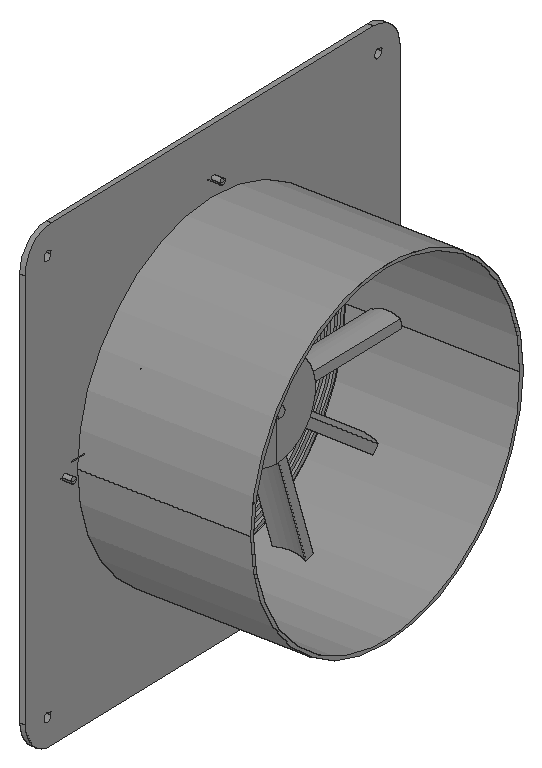
Revit family "ОВ_К_Р 1", category Mechanical Equipment, Revit 2021
Family settings
  Round Connector Dimension = Use Diameter
  Classification = None
  Part Type = Normal
  Work Plane-Based = No
  Always vertical = Yes
  Cut with Voids When Loaded = No
  Shared = No
  Room Calculation Point = No
Parameters (values of type "ОВ1 315")
  Ширина = Висота  # 430 mm
  Частота = 50 Hz
  Установлена потужність = Напруга * Струм  # 172.5 VA
  Струм = 0.75 A
  Статичний тиск повітря [instance] = 0.0 Pa
  Рівень звукового тиску на відстані 3 м = "42 дБА"
  Решетка ОВ1 P = no
  Потужність = 110 W
  Повітряний потік [instance] = 0.0 m³/h
  Перегородка = yes
  Default Elevation = 0 mm
  Description = "Осьовий вентилятор низького тиску у сталевому корпусі для настінного монтажу"
  Решетка ОВК1 = no
  Решетка ОВ1 = yes
  Напруга = if(Кількість фаз = 3, 400 V, 230 V)  # 230 V
  Максимальний потік повітря = 1700.0 m³/h
  Класифікація навантаження = "HVAC"
  Manufacturer = "Вентс"  # constant formula
  Діаметр = if(Решетка ОВК1, D222, D)  # 312 mm
  Довжина = L  # 170 mm
  Висота = if(Решетка ОВК1, D222, B)  # 430 mm
  Вага = 6.10 kg
  t1 = 10 mm  # constant formula
  r = 0.07 * B  # 30.1 mm
  l1 = D / 2  # 156 mm
  l = d1 + 5 mm  # 10 mm
  d1 = 5 mm  # constant formula
  d = 9 mm
  URL = "https://vents.ua/series/ov1/"
  Кількість фаз = 1
  Матеріал зони обслуговуваня = none
  L = 170 mm
  E2 = D / 2 + 15 mm  # 171 mm
  Dy = D - 5 mm  # 307 mm
  D99 = D9 - 5 mm  # 177 mm
  D9 = D88 - 10 mm  # 182 mm
  D88 = D8 - 5 mm  # 192 mm
  D8 = D77 - 10 mm  # 197 mm
  D7_77 = if(D7_7 = 46.5 mm, 47.7 mm, if(D7_7 = 2.5 mm, 0.7 mm, D7_7 - 5 mm))  # 72 mm
  D7_7 = if(D2_22 < 11 mm, 46.5 mm, abs(D6_66 - 10 mm))  # 77 mm
  D77 = D7 - 5 mm  # 207 mm
  D7 = D66 - 10 mm  # 212 mm
  D6_66 = if(D6_6 = 26.5 mm, 27.7 mm, if(D6_6 = 8.5 mm, 7.5 mm, D6_6 - 5 mm))  # 87 mm
  D6_6 = if(D2_22 < 11 mm, 26.5 mm, abs(D5_55 - 10 mm))  # 92 mm
  D66 = D6 - 5 mm  # 222 mm
  D6 = D55 - 10 mm  # 227 mm
  D5_55 = if(D5_5 = 16.5 mm, 17.7 mm, abs(D5_5 - 5 mm))  # 102 mm
  D5_5 = if(D2_22 < 11 mm, 16.5 mm, if(D4_44 < 14 mm, 3.5 mm, D4_44 - 10 mm))  # 107 mm
  D55 = D5 - 5 mm  # 237 mm
  D5 = D44 - 10 mm  # 242 mm
  D4_44 = if(D4_4 = 6.5 mm, 7 mm, D4_4 - 5 mm)  # 117 mm
  D4_4 = if(D2_22 < 11 mm, 6.5 mm, D3_33 - 10 mm)  # 122 mm
  D44 = D4 - 5 mm  # 252 mm
  D4 = D33 - 10 mm  # 257 mm
  D3_33 = D3_3 - 5 mm  # 132 mm
  D3_3 = if(D2_22 < 11 mm, 6 mm, D2_22 - 10 mm)  # 137 mm
  D33 = D3 - 5 mm  # 267 mm
  D3 = D22 - 10 mm  # 272 mm
  D2_22 = abs(D2_2 - 5 mm)  # 147 mm
  D2_2 = D1_11 - 10 mm  # 152 mm
  D22 = D2 - 5 mm  # 282 mm
  D2 = D11 - 10 mm  # 287 mm
  D1_11 = D1_1 - 5 mm  # 162 mm
  D1_1 = D99 - 10 mm  # 167 mm
  D222 = 317 mm
  D111 = 186.371 mm
  D11 = D1 - 5 mm  # 297 mm
  D1 = D - 10 mm  # 302 mm
  Матеріал корпусу = Метал, пофарбований, матовий чорний
  D = 312 mm
  B1 = 380 mm
  B = 430 mm
  09_Назва системи [instance] = ""
  00_20_Тип = "ОВ1 315"
  00_20_Назва = "Осьовий вентилятор низького тиску"
  00_20_Виробник = "Вентс"  # constant formula
Types (12, lengths in mm): name | Ширина | Установлена потужність | Струм | Рівень звукового тиску на відстані 3 м | Решетка ОВ1 P | Потужність | Перегородка | Решетка ОВК1 | Решетка ОВ1 | Максимальний потік повітря | Діаметр | Довжина | Висота | Вага | r | l1 | d | URL | L | E2 | Dy | D99 | D9 | D88 | D8 | D7_77 | D7_7 | D77 | D7 | D6_66 | D6_6 | D66 | D6 | D5_55 | D5_5 | D55 | D5 | D4_44 | D4_4 | D44 | D4 | D3_33 | D3_3 | D33 | D3 | D2_22 | D2_2 | D22 | D2 | D1_11 | D1_1 | D222 | D111 | D11 | D1 | Матеріал корпусу | D | B1 | B | 00_20_Тип
  (no name) | 430 | 172.5 VA | 0.75 A | "42 дБА" | no | 110 W | yes | no | yes | 1700.0 m³/h | 312 | 170 | 430 | 6.10 kg | 30.1 | 156 | 9 | "https://vents.ua/series/ov1/" | 170 | 171 | 307 | 177 | 182 | 192 | 197 | 72 | 77 | 207 | 212 | 87 | 92 | 222 | 227 | 102 | 107 | 237 | 242 | 117 | 122 | 252 | 257 | 132 | 137 | 267 | 272 | 147 | 152 | 282 | 287 | 162 | 167 | 317 | 186.371 | 297 | 302 | Метал, пофарбований, матовий чорний | 312 | 380 | 430 | "ОВ1 315"
  ОВ1 200 | 312 | 64.4 VA | 0.28 A | "33 дБА" | no | 43 W | yes | no | yes | 405.0 m³/h | 208 | 120 | 312 | 3.00 kg | 21.84 | 104 | 7 | "https://vents.ua/series/ov1/" | 120 | 119 | 203 | 73 | 78 | 88 | 93 | 0.7 | 2.5 | 103 | 108 | 7.5 | 8.5 | 118 | 123 | 1.5 | 3.5 | 133 | 138 | 13 | 18 | 148 | 153 | 28 | 33 | 163 | 168 | 43 | 48 | 178 | 183 | 58 | 63 | 213 | 186.371 | 193 | 198 | Метал, пофарбований, матовий чорний | 208 | 260 | 312 | "ОВ1 200"
  ОВ1 150 | 250 | 59.8 VA | 0.26 A | "33 дБА" | no | 36 W | yes | no | yes | 200.0 m³/h | 162 | 120 | 250 | 2.50 kg | 17.5 | 81 | 7 | "https://vents.ua/series/ov1/" | 120 | 96 | 157 | 27 | 32 | 42 | 47 | 47.7 | 46.5 | 57 | 62 | 27.7 | 26.5 | 72 | 77 | 17.7 | 16.5 | 87 | 92 | 7 | 6.5 | 102 | 107 | 1 | 6 | 117 | 122 | 3 | 2 | 132 | 137 | 12 | 17 | 167 | 186.371 | 147 | 152 | Метал, пофарбований, матовий чорний | 162 | 210 | 250 | "ОВ1 150"
  ОВ1 250 | 370 | 110.4 VA | 0.48 A | "37 дБА" | no | 68 W | yes | no | yes | 1070.0 m³/h | 262 | 140 | 370 | 3.50 kg | 25.9 | 131 | 7 | "https://vents.ua/series/ov1/" | 140 | 146 | 257 | 127 | 132 | 142 | 147 | 22 | 27 | 157 | 162 | 37 | 42 | 172 | 177 | 52 | 57 | 187 | 192 | 67 | 72 | 202 | 207 | 82 | 87 | 217 | 222 | 97 | 102 | 232 | 237 | 112 | 117 | 267 | 186.371 | 247 | 252 | Метал, пофарбований, матовий чорний | 262 | 320 | 370 | "ОВ1 250"
  ОВ1 315 | 430 | 172.5 VA | 0.75 A | "42 дБА" | no | 110 W | yes | no | yes | 1700.0 m³/h | 312 | 170 | 430 | 6.10 kg | 30.1 | 156 | 9 | "https://vents.ua/series/ov1/" | 170 | 171 | 307 | 177 | 182 | 192 | 197 | 72 | 77 | 207 | 212 | 87 | 92 | 222 | 227 | 102 | 107 | 237 | 242 | 117 | 122 | 252 | 257 | 132 | 137 | 267 | 272 | 147 | 152 | 282 | 287 | 162 | 167 | 317 | 186.371 | 297 | 302 | Метал, пофарбований, матовий чорний | 312 | 380 | 430 | "ОВ1 315"
  ОВK1 150 | 220 | 59.8 VA | 0.26 A | "33 дБА" | no | 36 W | yes | yes | no | 200.0 m³/h | 220 | 120 | 220 | 2.50 kg | 17.5 | 81 | 7 | "https://vents.ua/uploads/download/ov1_ovk1_vkom_opys_produktu_03_2021.pdf" | 120 | 96 | 157 | 27 | 32 | 42 | 47 | 47.7 | 46.5 | 57 | 62 | 27.7 | 26.5 | 72 | 77 | 17.7 | 16.5 | 87 | 92 | 7 | 6.5 | 102 | 107 | 1 | 6 | 117 | 122 | 3 | 2 | 132 | 137 | 12 | 17 | 220 | 190 | 147 | 152 | Метал, пофарбований, матовий чорний | 162 | 210 | 250 | "ОВK1 150"
  ОВK1 200 | 300 | 64.4 VA | 0.28 A | "33 дБА" | no | 43 W | yes | yes | no | 405.0 m³/h | 300 | 120 | 300 | 2.50 kg | 21.84 | 104 | 7 | "https://vents.ua/uploads/download/ov1_ovk1_vkom_opys_produktu_03_2021.pdf" | 120 | 119 | 203 | 73 | 78 | 88 | 93 | 0.7 | 2.5 | 103 | 108 | 7.5 | 8.5 | 118 | 123 | 1.5 | 3.5 | 133 | 138 | 13 | 18 | 148 | 153 | 28 | 33 | 163 | 168 | 43 | 48 | 178 | 183 | 58 | 63 | 300 | 270 | 193 | 198 | Метал, пофарбований, матовий чорний | 208 | 260 | 312 | "ОВK1 200"
  ОВK1 250 | 360 | 110.4 VA | 0.48 A | "37 дБА" | no | 68 W | yes | yes | no | 1070.0 m³/h | 360 | 140 | 360 | 3.00 kg | 25.9 | 131 | 7 | "https://vents.ua/uploads/download/ov1_ovk1_vkom_opys_produktu_03_2021.pdf" | 140 | 146 | 257 | 127 | 132 | 142 | 147 | 22 | 27 | 157 | 162 | 37 | 42 | 172 | 177 | 52 | 57 | 187 | 192 | 67 | 72 | 202 | 207 | 82 | 87 | 217 | 222 | 97 | 102 | 232 | 237 | 112 | 117 | 360 | 330 | 247 | 252 | Метал, пофарбований, матовий чорний | 262 | 320 | 370 | "ОВK1 250"
  ОВK1 315 | 420 | 172.5 VA | 0.75 A | "42 дБА" | no | 110 W | yes | yes | no | 1700.0 m³/h | 420 | 170 | 420 | 5.10 kg | 30.1 | 156 | 9 | "https://vents.ua/uploads/download/ov1_ovk1_vkom_opys_produktu_03_2021.pdf" | 170 | 171 | 307 | 177 | 182 | 192 | 197 | 72 | 77 | 207 | 212 | 87 | 92 | 222 | 227 | 102 | 107 | 237 | 242 | 117 | 122 | 252 | 257 | 132 | 137 | 267 | 272 | 147 | 152 | 282 | 287 | 162 | 167 | 420 | 390 | 297 | 302 | Метал, пофарбований, матовий чорний | 312 | 380 | 430 | "ОВK1 315"
  ОВ1 150 P | 325 | 59.8 VA | 0.26 A | "33 дБА" | yes | 36 W | no | no | no | 200.0 m³/h | 162 | 127 | 325 | 2.50 kg | 22.75 | 81 | 7 | "https://vents.ua/series/ov1/" | 127 | 96 | 157 | 27 | 32 | 42 | 47 | 47.7 | 46.5 | 57 | 62 | 27.7 | 26.5 | 72 | 77 | 17.7 | 16.5 | 87 | 92 | 7 | 6.5 | 102 | 107 | 1 | 6 | 117 | 122 | 3 | 2 | 132 | 137 | 12 | 17 | 220 | 190 | 147 | 152 | Пластмаса, непрозора, біла | 162 | 210 | 325 | "ОВ1 150 P"
  ОВ1 200 P | 325 | 64.4 VA | 0.28 A | "32 дБА" | yes | 43 W | no | no | no | 405.0 m³/h | 208 | 127 | 325 | 3.00 kg | 22.75 | 104 | 7 | "https://vents.ua/series/ov1/" | 127 | 119 | 203 | 73 | 78 | 88 | 93 | 0.7 | 2.5 | 103 | 108 | 7.5 | 8.5 | 118 | 123 | 1.5 | 3.5 | 133 | 138 | 13 | 18 | 148 | 153 | 28 | 33 | 163 | 168 | 43 | 48 | 178 | 183 | 58 | 63 | 220 | 190 | 193 | 198 | Пластмаса, непрозора, біла | 208 | 210 | 325 | "ОВ1 200 P"
  ОВ1 250 P | 325 | 110.4 VA | 0.48 A | "37 дБА" | yes | 68 W | no | no | no | 1070.0 m³/h | 262 | 152 | 325 | 3.50 kg | 22.75 | 131 | 7 | "https://vents.ua/series/ov1/" | 152 | 146 | 257 | 127 | 132 | 142 | 147 | 22 | 27 | 157 | 162 | 37 | 42 | 172 | 177 | 52 | 57 | 187 | 192 | 67 | 72 | 202 | 207 | 82 | 87 | 217 | 222 | 97 | 102 | 232 | 237 | 112 | 117 | 267 | 186.371 | 247 | 252 | Пластмаса, непрозора, біла | 262 | 320 | 325 | "ОВ1 250 P"
Reference planes
  plane 1 "По центру (Вперед/Назад)": y = 0
  plane 2: z = 0
  plane 3 "По центру (Влево/Вправо)": x = 0
  plane 4: x = -10
  plane 5: z = 171
  plane 6: z = -171
  plane 7: y = 171
  plane 8: y = -171
  plane 9: y = 190
  plane 10: y = -190
  plane 11: z = 190
  plane 12: z = -190
  plane 13: x = 50
Forms (mm)
  Extrusion 1, solid, material "Метал, пофарбований, матовий чорний" <- "Матеріал корпусу", visible <- "Решетка ОВ1"
    sketch origin (-80, 168.777, 0) x (0, -1, 0) y (0, 0, 1)
      loop
        circle (168.777, 0) r 156
      loop
        arc (353.677, -215) -> (374.961, -206.184) -> (383.777, -184.9) r 30.1
        line (383.777, -184.9) -> (383.777, 184.9)
        arc (383.777, 184.9) -> (374.961, 206.184) -> (353.677, 215) r 30.1
        line (353.677, 215) -> (-16.123, 215)
        arc (-16.123, 215) -> (-37.407, 206.184) -> (-46.223, 184.9) r 30.1
        line (-46.223, 184.9) -> (-46.223, -184.9)
        arc (-46.223, -184.9) -> (-37.407, -206.184) -> (-16.123, -215) r 30.1
        line (-16.123, -215) -> (353.677, -215)
      loop
        circle (168.777, 0) r 151
      loop
        circle (168.777, 0) r 148.5
      loop
        circle (168.777, 0) r 143.5
      loop
        circle (168.777, 0) r 141
      loop
        circle (168.777, 0) r 136
      loop
        circle (168.777, 0) r 133.5
      loop
        circle (168.777, 0) r 128.5
      loop
        circle (168.777, 0) r 126
      loop
        circle (168.777, 0) r 121
      loop
        circle (168.777, 0) r 118.5
      loop
        circle (168.777, 0) r 111
      loop
        circle (168.777, 0) r 113.5
      loop
        circle (168.777, 0) r 106
      loop
        circle (168.777, 0) r 103.5
      loop
        circle (168.777, 0) r 98.5
      loop
        circle (168.777, 0) r 96
      loop
        circle (168.777, 0) r 91
      loop
        circle (168.777, 0) r 88.5
      loop
        circle (168.777, 0) r 83.5
      loop
        circle (168.777, 0) r 81
      loop
        circle (168.777, 0) r 76
      loop
        circle (168.777, 0) r 73.5
      loop
        circle (168.777, 0) r 68.5
      loop
        circle (168.777, 0) r 66
      loop
        circle (168.777, 0) r 61
      loop
        circle (168.777, 0) r 58.5
      loop
        circle (168.777, 0) r 53.5
      loop
        circle (168.777, 0) r 51
      loop
        circle (168.777, 0) r 46
      loop
        circle (168.777, 0) r 43.5
      loop
        circle (168.777, 0) r 38.5
      loop
        circle (168.777, 0) r 36
      loop
        circle (358.777, 190) r 4.5
      loop
        circle (358.777, -190) r 4.5
      loop
        circle (-21.223, -190) r 4.5
      loop
        circle (-21.223, 190) r 4.5
    from -80 to -75
  Extrusion 2, solid, material "Метал, пофарбований, матовий чорний" <- "Матеріал корпусу"
    sketch origin (35, 109.934, 0) x (0, -1, 0) y (0, 0, 1)
      loop
        circle (109.934, 0) r 153.5
      loop
        circle (109.934, 0) r 156
    from -125 to 35
  Extrusion 3, solid, material "Метал, пофарбований, матовий чорний" <- "Матеріал корпусу", visible <- "Решетка ОВК1"
    sketch origin (0, 0, 0) x (0, 1, 0) y (0, 0, 1)
      loop
        circle (0, 0) r 158.5
      loop
        circle (0, 0) r 156
      loop
        circle (0, 0) r 151
      loop
        circle (0, 0) r 148.5
      loop
        circle (0, 0) r 143.5
      loop
        circle (0, 0) r 141
      loop
        circle (0, 0) r 136
      loop
        circle (0, 0) r 133.5
      loop
        circle (0, 0) r 128.5
      loop
        circle (0, 0) r 126
      loop
        circle (0, 0) r 121
      loop
        circle (0, 0) r 118.5
      loop
        circle (0, 0) r 111
      loop
        circle (0, 0) r 113.5
      loop
        circle (0, 0) r 106
      loop
        circle (0, 0) r 103.5
      loop
        circle (0, 0) r 98.5
      loop
        circle (0, 0) r 96
      loop
        circle (0, 0) r 91
      loop
        circle (0, 0) r 88.5
      loop
        circle (0, 0) r 83.5
      loop
        circle (0, 0) r 81
      loop
        circle (0, 0) r 76
      loop
        circle (0, 0) r 73.5
      loop
        circle (0, 0) r 68.5
      loop
        circle (0, 0) r 66
      loop
        circle (0, 0) r 61
      loop
        circle (0, 0) r 58.5
      loop
        circle (0, 0) r 53.5
      loop
        circle (0, 0) r 51
      loop
        circle (0, 0) r 46
      loop
        circle (0, 0) r 43.5
      loop
        circle (0, 0) r 38.5
      loop
        circle (0, 0) r 36
      loop
        circle (142.175, 142.175) r 4.5
      loop
        circle (-142.175, 142.175) r 4.5
      loop
        circle (-142.175, -142.175) r 4.5
      loop
        circle (142.175, -142.175) r 4.5
    from 0 to -5
Dimensions and locks
  "B": Extrusion 1 sketch curve to Extrusion 1 sketch curve  (x2)
  equal spacing: Extrusion 1 sketch curve, plane 1 "По центру (Вперед/Назад)", Extrusion 1 sketch curve
  equal spacing: Extrusion 1 sketch curve, level, Extrusion 1 sketch curve
  "l": plane 4 to plane 3 "По центру (Влево/Вправо)"
  "E2": plane 6 to level to plane 5
  "E2": plane 7 to plane 1 "По центру (Вперед/Назад)" to plane 8
  equal spacing: plane 11, level, plane 12
  "B1": plane 12 to plane 11
  equal spacing: plane 9, plane 1 "По центру (Вперед/Назад)", plane 10
  "B1": plane 9 to plane 10
  "L": plane 4 to Extrusion 2
  locked: plane 13 to plane 3 "По центру (Влево/Вправо)" at 50
  locked: Extrusion 3 to plane 3 "По центру (Влево/Вправо)" at 5
  "D": diameter of Extrusion 1 sketch curve
  "D1": diameter of Extrusion 1 sketch curve
  "D11": diameter of Extrusion 1 sketch curve
  "D2": diameter of Extrusion 1 sketch curve
  "D22": diameter of Extrusion 1 sketch curve
  "D3": diameter of Extrusion 1 sketch curve
  "D33": diameter of Extrusion 1 sketch curve
  "D44": diameter of Extrusion 1 sketch curve
  "D4": diameter of Extrusion 1 sketch curve
  "D5": diameter of Extrusion 1 sketch curve
  "D55": diameter of Extrusion 1 sketch curve
  "D66": diameter of Extrusion 1 sketch curve
  "D6": diameter of Extrusion 1 sketch curve
  "D7": diameter of Extrusion 1 sketch curve
  "D77": diameter of Extrusion 1 sketch curve
  "D8": diameter of Extrusion 1 sketch curve
  "D88": diameter of Extrusion 1 sketch curve
  "D9": diameter of Extrusion 1 sketch curve
  "D99": diameter of Extrusion 1 sketch curve
  "D1_1": diameter of Extrusion 1 sketch curve
  "D1_11": diameter of Extrusion 1 sketch curve
  "D2_2": diameter of Extrusion 1 sketch curve
  "D2_22": diameter of Extrusion 1 sketch curve
  "D3_3": diameter of Extrusion 1 sketch curve
  "D3_33": diameter of Extrusion 1 sketch curve
  "D4_4": diameter of Extrusion 1 sketch curve
  "D4_44": diameter of Extrusion 1 sketch curve
  "D5_55": diameter of Extrusion 1 sketch curve
  "D5_5": diameter of Extrusion 1 sketch curve
  "D6_6": diameter of Extrusion 1 sketch curve
  "D6_66": diameter of Extrusion 1 sketch curve
  "D7_7": diameter of Extrusion 1 sketch curve
  "D7_77": diameter of Extrusion 1 sketch curve
  "d": diameter of Extrusion 1 sketch curve  (x4)
  "r": radius of Extrusion 1 sketch curve  (x4)
  "D": diameter of Extrusion 2 sketch curve
  "Dy": diameter of Extrusion 2 sketch curve
  "D": diameter of Extrusion 3 sketch curve
  "D1": diameter of Extrusion 3 sketch curve
  "D11": diameter of Extrusion 3 sketch curve
  "D2": diameter of Extrusion 3 sketch curve
  "D22": diameter of Extrusion 3 sketch curve
  "D3": diameter of Extrusion 3 sketch curve
  "D33": diameter of Extrusion 3 sketch curve
  "D44": diameter of Extrusion 3 sketch curve
  "D4": diameter of Extrusion 3 sketch curve
  "D5": diameter of Extrusion 3 sketch curve
  "D55": diameter of Extrusion 3 sketch curve
  "D66": diameter of Extrusion 3 sketch curve
  "D6": diameter of Extrusion 3 sketch curve
  "D7": diameter of Extrusion 3 sketch curve
  "D77": diameter of Extrusion 3 sketch curve
  "D8": diameter of Extrusion 3 sketch curve
  "D88": diameter of Extrusion 3 sketch curve
  "D9": diameter of Extrusion 3 sketch curve
  "D99": diameter of Extrusion 3 sketch curve
  "D1_1": diameter of Extrusion 3 sketch curve
  "D1_11": diameter of Extrusion 3 sketch curve
  "D2_2": diameter of Extrusion 3 sketch curve
  "D2_22": diameter of Extrusion 3 sketch curve
  "D3_3": diameter of Extrusion 3 sketch curve
  "D3_33": diameter of Extrusion 3 sketch curve
  "D4_4": diameter of Extrusion 3 sketch curve
  "D4_44": diameter of Extrusion 3 sketch curve
  "D5_55": diameter of Extrusion 3 sketch curve
  "D5_5": diameter of Extrusion 3 sketch curve
  "D6_6": diameter of Extrusion 3 sketch curve
  "D6_66": diameter of Extrusion 3 sketch curve
  "D7_7": diameter of Extrusion 3 sketch curve
  "D7_77": diameter of Extrusion 3 sketch curve
  "D222": diameter of Extrusion 3 sketch curve
  "d": diameter of Extrusion 3 sketch curve  (x4)
  aligned and locked: level to plane 2
  aligned and locked: level to nested 1
  aligned and locked: plane 4 to nested 1
  aligned and locked: nested 1 to plane 1 "По центру (Вперед/Назад)"
  aligned and locked: nested 2 to plane 1 "По центру (Вперед/Назад)"
  aligned and locked: plane 4 to nested 2
  aligned and locked: nested 4 to level
  aligned and locked: level to nested 5
  aligned and locked: plane 5 to nested 2
  aligned and locked: plane 1 "По центру (Вперед/Назад)" to nested 3
  aligned and locked: nested 3 to plane 6
  aligned and locked: nested 5 to plane 8
  aligned and locked: nested 4 to plane 7
  aligned and locked: plane 4 to nested 4
  aligned and locked: nested 3 to plane 4
  aligned and locked: nested 2 to plane 4
  aligned and locked: nested 5 to plane 4
  aligned and locked: plane 13 to nested 6
  aligned and locked: level to nested 6
  aligned and locked: plane 1 "По центру (Вперед/Назад)" to nested 6
  aligned and locked: Extrusion 3 to plane 3 "По центру (Влево/Вправо)"
  aligned and locked: plane 3 "По центру (Влево/Вправо)" to nested 7
  aligned and locked: nested 7 to plane 1 "По центру (Вперед/Назад)"
Automatic sketch dimensions
  Extrusion 2 sketch curve to Extrusion 2 sketch curve = 0 mm  (x2)
  Extrusion 2 sketch curve to level = 0 mm
  Extrusion 2 sketch curve to plane 1 "По центру (Вперед/Назад)" = 0 mm
  Extrusion 1 sketch curve to Extrusion 1 sketch curve = 0 mm  (x64)
  Extrusion 1 sketch curve to plane 9 = 0 mm  (x2)
  Extrusion 1 sketch curve to level = 0 mm
  Extrusion 1 sketch curve to plane 1 "По центру (Вперед/Назад)" = 0 mm
  Extrusion 1 sketch curve to plane 10 = 0 mm  (x2)
  Extrusion 1 sketch curve to plane 12 = 0 mm  (x2)
  plane 11 to Extrusion 1 sketch curve = 0 mm  (x2)
  Extrusion 3 sketch curve to Extrusion 3 sketch curve = 0 mm  (x66)
  Extrusion 3 sketch curve to level = 0 mm
  Extrusion 3 sketch curve to plane 1 "По центру (Вперед/Назад)" = 0 mm
  Extrusion 3 sketch curve to plane 8 = 28.825 mm  (x2)
  plane 7 to Extrusion 3 sketch curve = 28.825 mm  (x2)
  plane 6 to Extrusion 3 sketch curve = 28.825 mm  (x2)
  plane 5 to Extrusion 3 sketch curve = 28.825 mm  (x2)
Nested families
  nested 1: "Перегородка" at (-10, 0, 50) x (0, 1, 0) z (0, 0, 1), visible <- "Перегородка", type "Перегородка"
    with l 156 mm, E 93 mm
  nested 2: "Винт" at (-11, 0, 171) x (0, 1, 0) z (1, 0, 0), visible <- "Перегородка", type "Винт"
  nested 3: "Винт" at (-11, 0, -171) x (0, 1, 0) z (1, 0, 0), visible <- "Перегородка", type "Винт"
  nested 4: "Винт" at (-11, 171, 0) x (0, 1, 0) z (1, 0, 0), visible <- "Перегородка", type "Винт"
  nested 5: "Винт" at (-11, -171, 0) x (0, -1, 0) z (1, 0, 0), visible <- "Перегородка", type "Винт"
  nested 6: "Вентилятор" at (50, 0, 0) x (0, 0, 1) z (-1, 0, 0), type "Вентилятор"
    with r 43.857 mm, R 153.5 mm, Dy 307 mm
  nested 7: "Решетка ОВ1 P" at (0, 0, 0) x (-1, 0, 0) z (0, 0, 1), visible <- "Решетка ОВ1 P", type "Решетка ОВ1 P"
    with h1 190 mm, b1 190 mm, Nv 28, Ng 28, H1 380 mm, H 430 mm, B1 380 mm, B 430 mm, -h1 -190 mm, -b1 -190 mm
Connectors
  hvac at (160, 0, 0), driven by "D"
    settings: on Extrusion 2, index 1, duct flow 0.0 m³/h, flow factor 0, pres drop 0.0 Pa, loss coef 0, conn angle 0.00°, conn width 304.8 mm, conn height 304.8 mm, conn diameter 312 mm, duct sys type 3, conn prof type 0, flow config 0, flow direction 2, loss method 0, conn ref index -1, conn util no, is conn primary yes, conn desc ""
  electrical at (62.6, 0, 0), driven by "Напруга", driven by "Установлена потужність"
    settings: on nested 6, index 2, voltage 230 V, apparent load 172.5 VA, apparent load phase1 0 VA, apparent load phase2 0 VA, apparent load phase3 0 VA, power factor 1, load classification "Прочее", number of poles 1, system type 30, power factor state 1, is connector primary yes, connector utility no, sub classification motor no, connector description ""
Definition of nested family "Перегородка"
  Parameters (values of type "Перегородка")
    Default Elevation = 188.949 mm
    t2 = if(t > 50 mm, 50 mm + 50 mm - t1, t1 + t)  # 55 mm
    t1 = if(t > 50 mm, 30 mm, 50 mm - t / 2)  # 45 mm
    t = 10 mm
    l = 104 mm
    e = 50 mm  # constant formula
    d = 5 mm
    E = l / 2 + 15 mm  # 67 mm
    Casing Material = none
  Reference planes
    plane 1 "По центру (Вперед/Назад)": y = 0
    plane 2: z = 0
    plane 3 "По центру (Влево/Вправо)": x = 0
    plane 4: x = 50
    plane 5: z = -100
    plane 6: z = 0
    plane 7: x = -50
    plane 8: z = -50
  Forms (mm)
    Sweep 1, solid, material <- "Casing Material"
      path origin (-127.007, -84.114, 17) x (1, 0, 0) y (0, 0, 1)
        loop
          line (132.007, -52) -> (132.007, 52)
          arc (132.007, 52) -> (127.007, 57) -> (122.007, 52) r 5
          line (122.007, 52) -> (122.007, -52)
          arc (122.007, -52) -> (127.007, -57) -> (132.007, -52) r 5
      profile origin (5, -84.114, 17) x (-1, 0, 0) y (0, -1, 0)
        loop
          circle (0, -81.614) r 2.5
    Sweep 2, solid, material <- "Casing Material"
      path origin (67, -84.114, 77.007) x (0, 0, -1) y (1, 0, 0)
        loop
          line (132.007, -52) -> (132.007, 52)
          arc (132.007, 52) -> (127.007, 57) -> (122.007, 52) r 5
          line (122.007, 52) -> (122.007, -52)
          arc (122.007, -52) -> (127.007, -57) -> (132.007, -52) r 5
      profile origin (67, -84.114, -55) x (0, 0, 1) y (0, -1, 0)
        loop
          circle (0, -81.614) r 2.5
    Sweep 3, solid, material <- "Casing Material"
      path origin (-67, -84.114, -177.007) x (0, 0, 1) y (-1, 0, 0)
        loop
          line (132.007, -52) -> (132.007, 52)
          arc (132.007, 52) -> (127.007, 57) -> (122.007, 52) r 5
          line (122.007, 52) -> (122.007, -52)
          arc (122.007, -52) -> (127.007, -57) -> (132.007, -52) r 5
      profile origin (-67, -84.114, -45) x (0, 0, -1) y (0, -1, 0)
        loop
          circle (0, -81.614) r 2.5
    Sweep 4, solid, material <- "Casing Material"
      path origin (127.007, -84.114, -117) x (-1, 0, 0) y (0, 0, -1)
        loop
          line (132.007, -52) -> (132.007, 52)
          arc (132.007, 52) -> (127.007, 57) -> (122.007, 52) r 5
          line (122.007, 52) -> (122.007, -52)
          arc (122.007, -52) -> (127.007, -57) -> (132.007, -52) r 5
      profile origin (-5, -84.114, -117) x (0, -1, 0) y (1, 0, 0)
        loop
          circle (-81.614, 0) r 2.5
  Dimensions and locks
    "t1": plane 4 to Sweep 1 sketch curve
    "t2": Sweep 1 sketch curve to plane 4
    "t1": plane 5 to Sweep 2 sketch curve
    "t2": Sweep 2 sketch curve to plane 5
    "t1": plane 6 to Sweep 3 sketch curve
    "t2": Sweep 3 sketch curve to plane 6
    "t1": plane 7 to Sweep 4 sketch curve
    "t2": Sweep 4 sketch curve to plane 7
    "l": Sweep 1 sketch curve to Sweep 1 sketch curve
    "l": Sweep 2 sketch curve to Sweep 2 sketch curve
    "l": Sweep 3 sketch curve to Sweep 3 sketch curve
    "l": Sweep 4 sketch curve to Sweep 4 sketch curve
    "e": plane 2 to plane 8
    "d": diameter of Sweep 1 sketch curve
    "d": diameter of Sweep 2 sketch curve
    "d": diameter of Sweep 3 sketch curve
    "d": diameter of Sweep 4 sketch curve
    "E": radius of radial array
    aligned and locked: level to plane 2
  Automatic sketch dimensions
    Sweep 1 sketch curve to profile plane = 0 mm
    Sweep 1 sketch curve to profile plane = 81.614 mm
    Sweep 2 sketch curve to profile plane = 0 mm
    Sweep 2 sketch curve to profile plane = 81.614 mm
    Sweep 3 sketch curve to profile plane = 0 mm
    Sweep 3 sketch curve to profile plane = 81.614 mm
    Sweep 4 sketch curve to profile plane = 0 mm
    Sweep 4 sketch curve to profile plane = 81.614 mm
Definition of nested family "Винт"
  Parameters (values of type "Винт")
    Default Elevation = 0 mm
  Reference planes
    plane 1 "По центру (Вперед/Назад)": y = 0
    plane 2: z = 0
    plane 3 "По центру (Влево/Вправо)": x = 0
  Forms (mm)
    Revolve 1, solid
      sketch origin (0, 0, 0) x (-1, 0, 0) y (0, 0, -1)
        loop
          line (0, -20) -> (2.5, -20) -> (2.5, 0) -> (5, 0) -> (5, 0.988)
          arc (5, 0.988) -> (2.589, 1.966) -> (0, 2.235) r 9.254
          line (0, 2.235) -> (0, -20)
        axis (0, 2.235) -> (0, -20)
      angle from 0 to 360
    Extrusion 2, void
      sketch origin (0, -0.137, 0) x (1, 0, 0) y (0, 1, 0)
        loop
          line (-0.439, -5.119) -> (0.455, -5.119) -> (0.455, -0.343) -> (5.249, -0.343) -> (5.249, 0.594) -> (0.439, 0.594) -> (0.439, 5.38) -> (-0.439, 5.38) -> (-0.439, 0.594) -> (-5.291, 0.594) -> (-5.291, -0.319) -> (-0.439, -0.319) -> (-0.439, -5.119)
      from -3.528 to -0.988
    Extrusion 3, solid
      sketch origin (0, 0, 0) x (0, 1, 0) y (-1, 0, 0)
        loop
          circle (0, 0) r 7.018
      from 0 to 1
  Cuts and joins
    Extrusion 2 cuts Revolve 1
  Dimensions and locks
    aligned and locked: level to plane 2
    aligned and locked: Extrusion 2 to Revolve 1
Definition of nested family "Вентилятор"
  Parameters (values of type "Вентилятор")
    Default Elevation = 0 mm
    r = Dy / 7  # 29 mm
    n = 10
    R = Dy / 2  # 101.5 mm
    Dy = 203 mm
    D = 312 mm
    Casing Material = none
  Reference planes
    plane 1 "По центру (Вперед/Назад)": y = 0
    plane 2: z = 0
    plane 3 "По центру (Влево/Вправо)": x = 0
  Forms (mm)
    Extrusion 1, solid, material <- "Casing Material"
      sketch origin (5, 0, 0) x (1, 0, 0) y (0, 0, 1)
        loop
          arc (-1.417, 0) -> (-5.784, 15.673) -> (-3.327, 31.756) r 38.725
          arc (-3.327, 31.756) -> (-13.26, 17.281) -> (-10.167, 0) r 23.13
          line (-10.167, 0) -> (-1.417, 0)
      from 29 <- "r" to 101.5 <- "R"
    Extrusion 2, solid, material <- "Casing Material"
      sketch origin (4.045, -2.939, 0) x (0.809017, -0.587785, 0) y (0, 0, 1)
        loop
          arc (-1.417, 0) -> (-5.784, 15.673) -> (-3.327, 31.756) r 38.725
          arc (-3.327, 31.756) -> (-13.26, 17.281) -> (-10.167, 0) r 23.13
          line (-10.167, 0) -> (-1.417, 0)
      from 29 <- "r" to 101.5 <- "R"
    Extrusion 3, solid, material <- "Casing Material"
      sketch origin (4.045, 2.939, 0) x (0.809017, 0.587785, 0) y (0, 0, 1)
        loop
          arc (-1.417, 0) -> (-5.784, 15.673) -> (-3.327, 31.756) r 38.725
          arc (-3.327, 31.756) -> (-13.26, 17.281) -> (-10.167, 0) r 23.13
          line (-10.167, 0) -> (-1.417, 0)
      from 29 <- "r" to 101.5 <- "R"
    Extrusion 4, solid, material <- "Casing Material"
      sketch origin (1.545, 4.755, 0) x (0.309017, 0.951057, 0) y (0, 0, 1)
        loop
          arc (-1.417, 0) -> (-5.784, 15.673) -> (-3.327, 31.756) r 38.725
          arc (-3.327, 31.756) -> (-13.26, 17.281) -> (-10.167, 0) r 23.13
          line (-10.167, 0) -> (-1.417, 0)
      from 29 <- "r" to 101.5 <- "R"
    Extrusion 5, solid, material <- "Casing Material"
      sketch origin (-1.545, 4.755, 0) x (-0.309017, 0.951057, 0) y (0, 0, 1)
        loop
          arc (-1.417, 0) -> (-5.784, 15.673) -> (-3.327, 31.756) r 38.725
          arc (-3.327, 31.756) -> (-13.26, 17.281) -> (-10.167, 0) r 23.13
          line (-10.167, 0) -> (-1.417, 0)
      from 29 <- "r" to 101.5 <- "R"
    Extrusion 6, solid, material <- "Casing Material"
      sketch origin (-4.045, 2.939, 0) x (-0.809017, 0.587785, 0) y (0, 0, 1)
        loop
          arc (-1.417, 0) -> (-5.784, 15.673) -> (-3.327, 31.756) r 38.725
          arc (-3.327, 31.756) -> (-13.26, 17.281) -> (-10.167, 0) r 23.13
          line (-10.167, 0) -> (-1.417, 0)
      from 29 <- "r" to 101.5 <- "R"
    Extrusion 7, solid, material <- "Casing Material"
      sketch origin (-5, 0, 0) x (-1, 0, 0) y (0, 0, 1)
        loop
          arc (-1.417, 0) -> (-5.784, 15.673) -> (-3.327, 31.756) r 38.725
          arc (-3.327, 31.756) -> (-13.26, 17.281) -> (-10.167, 0) r 23.13
          line (-10.167, 0) -> (-1.417, 0)
      from 29 <- "r" to 101.5 <- "R"
    Extrusion 8, solid, material <- "Casing Material"
      sketch origin (-4.045, -2.939, 0) x (-0.809017, -0.587785, 0) y (0, 0, 1)
        loop
          arc (-1.417, 0) -> (-5.784, 15.673) -> (-3.327, 31.756) r 38.725
          arc (-3.327, 31.756) -> (-13.26, 17.281) -> (-10.167, 0) r 23.13
          line (-10.167, 0) -> (-1.417, 0)
      from 29 <- "r" to 101.5 <- "R"
    Revolve 9, solid, material <- "Casing Material"
      sketch origin (0, 0, 0) x (1, 0, 0) y (0, 0, 1)
        loop
          line (0, -8.555) -> (29, -8.555) -> (29, 33.086)
          arc (29, 33.086) -> (14.733, 36.962) -> (0, 38.189) r 81.241
          line (0, 38.189) -> (0, -8.555)
        axis (0, 38.189) -> (0, -8.555)
      angle from 0 to 360
    Extrusion 10, solid, material <- "Casing Material"
      sketch origin (-1.545, -4.755, 0) x (-0.309017, -0.951057, 0) y (0, 0, 1)
        loop
          arc (-1.417, 0) -> (-5.784, 15.673) -> (-3.327, 31.756) r 38.725
          arc (-3.327, 31.756) -> (-13.26, 17.281) -> (-10.167, 0) r 23.13
          line (-10.167, 0) -> (-1.417, 0)
      from 29 <- "r" to 101.5 <- "R"
    Extrusion 11, solid, material <- "Casing Material"
      sketch origin (1.545, -4.755, 0) x (0.309017, -0.951057, 0) y (0, 0, 1)
        loop
          arc (-1.417, 0) -> (-5.784, 15.673) -> (-3.327, 31.756) r 38.725
          arc (-3.327, 31.756) -> (-13.26, 17.281) -> (-10.167, 0) r 23.13
          line (-10.167, 0) -> (-1.417, 0)
      from 29 <- "r" to 101.5 <- "R"
    Extrusion 12, solid, material <- "Casing Material"
      sketch origin (0, 0, 0) x (1, 0, 0) y (0, 1, 0)
        loop
          line (0, 5) -> (-4.33, 2.5) -> (-4.33, -2.5) -> (0, -5) -> (4.33, -2.5) -> (4.33, 2.5) -> (0, 5)
      from -12.6 to -8.555
  Dimensions and locks
    "r": Revolve 9 sketch curve to plane 3 "По центру (Влево/Вправо)"
    aligned and locked: level to plane 2
  Automatic sketch dimensions
    Extrusion 1 sketch curve to Extrusion 1 sketch curve = 8.75 mm
    Extrusion 1 sketch curve to Extrusion 1 sketch curve = 10.768 mm
    Extrusion 1 sketch curve to Extrusion 1 sketch curve = 23.52 mm
    Extrusion 1 sketch curve to Extrusion 1 sketch curve = 12.411 mm
    Extrusion 1 sketch curve to Extrusion 1 sketch curve = 5.588 mm
    Extrusion 2 sketch curve to Extrusion 2 sketch curve = 8.75 mm
    Extrusion 2 sketch curve to Extrusion 2 sketch curve = 10.768 mm
    Extrusion 2 sketch curve to Extrusion 2 sketch curve = 23.52 mm
    Extrusion 2 sketch curve to Extrusion 2 sketch curve = 12.411 mm
    Extrusion 2 sketch curve to Extrusion 2 sketch curve = 5.588 mm
    Extrusion 3 sketch curve to Extrusion 3 sketch curve = 8.75 mm
    Extrusion 3 sketch curve to Extrusion 3 sketch curve = 10.768 mm
    Extrusion 3 sketch curve to Extrusion 3 sketch curve = 23.52 mm
    Extrusion 3 sketch curve to Extrusion 3 sketch curve = 12.411 mm
    Extrusion 3 sketch curve to Extrusion 3 sketch curve = 5.588 mm
    Extrusion 4 sketch curve to Extrusion 4 sketch curve = 8.75 mm
    Extrusion 4 sketch curve to Extrusion 4 sketch curve = 10.768 mm
    Extrusion 4 sketch curve to Extrusion 4 sketch curve = 23.52 mm
    Extrusion 4 sketch curve to Extrusion 4 sketch curve = 12.411 mm
    Extrusion 4 sketch curve to Extrusion 4 sketch curve = 5.588 mm
    Extrusion 5 sketch curve to Extrusion 5 sketch curve = 8.75 mm
    Extrusion 5 sketch curve to Extrusion 5 sketch curve = 10.768 mm
    Extrusion 5 sketch curve to Extrusion 5 sketch curve = 23.52 mm
    Extrusion 5 sketch curve to Extrusion 5 sketch curve = 12.411 mm
    Extrusion 5 sketch curve to Extrusion 5 sketch curve = 5.588 mm
    Extrusion 6 sketch curve to Extrusion 6 sketch curve = 8.75 mm
    Extrusion 6 sketch curve to Extrusion 6 sketch curve = 10.768 mm
    Extrusion 6 sketch curve to Extrusion 6 sketch curve = 23.52 mm
    Extrusion 6 sketch curve to Extrusion 6 sketch curve = 12.411 mm
    Extrusion 6 sketch curve to Extrusion 6 sketch curve = 5.588 mm
    Extrusion 7 sketch curve to Extrusion 7 sketch curve = 8.75 mm
    Extrusion 7 sketch curve to Extrusion 7 sketch curve = 10.768 mm
    Extrusion 7 sketch curve to Extrusion 7 sketch curve = 23.52 mm
    Extrusion 7 sketch curve to Extrusion 7 sketch curve = 12.411 mm
    Extrusion 7 sketch curve to Extrusion 7 sketch curve = 5.588 mm
    Extrusion 8 sketch curve to Extrusion 8 sketch curve = 8.75 mm
    Extrusion 8 sketch curve to Extrusion 8 sketch curve = 10.768 mm
    Extrusion 8 sketch curve to Extrusion 8 sketch curve = 23.52 mm
    Extrusion 8 sketch curve to Extrusion 8 sketch curve = 12.411 mm
    Extrusion 8 sketch curve to Extrusion 8 sketch curve = 5.588 mm
    Extrusion 10 sketch curve to Extrusion 10 sketch curve = 8.75 mm
    Extrusion 10 sketch curve to Extrusion 10 sketch curve = 10.768 mm
    Extrusion 10 sketch curve to Extrusion 10 sketch curve = 23.52 mm
    Extrusion 10 sketch curve to Extrusion 10 sketch curve = 12.411 mm
    Extrusion 10 sketch curve to Extrusion 10 sketch curve = 5.588 mm
    Extrusion 11 sketch curve to Extrusion 11 sketch curve = 8.75 mm
    Extrusion 11 sketch curve to Extrusion 11 sketch curve = 10.768 mm
    Extrusion 11 sketch curve to Extrusion 11 sketch curve = 23.52 mm
    Extrusion 11 sketch curve to Extrusion 11 sketch curve = 12.411 mm
    Extrusion 11 sketch curve to Extrusion 11 sketch curve = 5.588 mm
    Revolve 9 sketch curve to plane 3 "По центру (Влево/Вправо)" = 0 mm  (x2)
    plane 3 "По центру (Влево/Вправо)" to Revolve 9 sketch curve = 0.655 mm
    Revolve 9 sketch curve to level = 43.049 mm
    Revolve 9 sketch curve to level = 8.555 mm
    level to Revolve 9 sketch curve = 33.086 mm
    Revolve 9 sketch curve to Revolve 9 sketch curve = 7.546 mm
    Revolve 9 sketch curve to Revolve 9 sketch curve = 7.214 mm
Definition of nested family "Решетка ОВ1 P"
  Parameters (values of type "Решетка ОВ1 P")
    Default Elevation = 0 mm
    Manufacturer = "Вентс"  # constant formula
    t = 2 mm
    h1 = H1 / 2  # 137.5 mm
    b1 = B1 / 2  # 137.5 mm
    T = 5 mm
    S = 12 mm
    Nv = H1 / S - 4  # 19
    Ng = B1 / S - 4  # 19
    H1 = B1  # 275 mm
    H = B  # 325 mm
    B1 = B - 50 mm  # 275 mm
    B = 325 mm
    -h1 = -H1 / 2  # -137.5 mm
    -b1 = -B1 / 2  # -137.5 mm
  Reference planes
    plane 1 "По центру (Вперед/Назад)": y = 0
    plane 2: z = 0
    plane 3 "По центру (Влево/Вправо)": x = 0
  Forms (mm)
    Extrusion 1, solid
      sketch origin (0, 0, 0) x (0, 1, 0) y (0, 0, 1)
        loop
          line (162.5, 162.5) -> (-162.5, 162.5) -> (-162.5, -162.5) -> (162.5, -162.5) -> (162.5, 162.5)
        loop
          line (137.5, 137.5) -> (-137.5, 137.5) -> (-137.5, -137.5) -> (137.5, -137.5) -> (137.5, 137.5)
      from 0 to 5 <- "T"
    Extrusion 2, solid
      sketch origin (0, 0, 0) x (1, 0, 0) y (0, 1, 0)
        loop
          line (0, 127.5) -> (0, 125.5) -> (5, 125.5) -> (5, 127.5) -> (0, 127.5)
      from 137.5 <- "h1" to -137.5 <- "-b1"
    Extrusion 3, solid
      sketch origin (0, -14, 0) x (1, 0, 0) y (0, 1, 0)
        loop
          line (0, 127.5) -> (0, 125.5) -> (5, 125.5) -> (5, 127.5) -> (0, 127.5)
      from 137.5 <- "h1" to -137.5 <- "-b1"
    Extrusion 4, solid
      sketch origin (0, -28, 0) x (1, 0, 0) y (0, 1, 0)
        loop
          line (0, 127.5) -> (0, 125.5) -> (5, 125.5) -> (5, 127.5) -> (0, 127.5)
      from 137.5 <- "h1" to -137.5 <- "-b1"
    Extrusion 5, solid
      sketch origin (0, -42, 0) x (1, 0, 0) y (0, 1, 0)
        loop
          line (0, 127.5) -> (0, 125.5) -> (5, 125.5) -> (5, 127.5) -> (0, 127.5)
      from 137.5 <- "h1" to -137.5 <- "-b1"
    Extrusion 6, solid
      sketch origin (0, 0, 0) x (1, 0, 0) y (0, 0, 1)
        loop
          line (0, 127.5) -> (0, 125.5) -> (5, 125.5) -> (5, 127.5) -> (0, 127.5)
      from 137.5 <- "h1" to -137.5 <- "-h1"
    Extrusion 7, solid
      sketch origin (0, 0, -14) x (1, 0, 0) y (0, 0, 1)
        loop
          line (0, 127.5) -> (0, 125.5) -> (5, 125.5) -> (5, 127.5) -> (0, 127.5)
      from 137.5 <- "h1" to -137.5 <- "-h1"
    Extrusion 8, solid
      sketch origin (0, 0, -28) x (1, 0, 0) y (0, 0, 1)
        loop
          line (0, 127.5) -> (0, 125.5) -> (5, 125.5) -> (5, 127.5) -> (0, 127.5)
      from 137.5 <- "h1" to -137.5 <- "-h1"
    Extrusion 9, solid
      sketch origin (0, 0, -42) x (1, 0, 0) y (0, 0, 1)
        loop
          line (0, 127.5) -> (0, 125.5) -> (5, 125.5) -> (5, 127.5) -> (0, 127.5)
      from 137.5 <- "h1" to -137.5 <- "-h1"
    Extrusion 10, solid
      sketch origin (0, 0, -56) x (1, 0, 0) y (0, 0, 1)
        loop
          line (0, 127.5) -> (0, 125.5) -> (5, 125.5) -> (5, 127.5) -> (0, 127.5)
      from 137.5 <- "h1" to -137.5 <- "-h1"
    Extrusion 11, solid
      sketch origin (0, 0, -70) x (1, 0, 0) y (0, 0, 1)
        loop
          line (0, 127.5) -> (0, 125.5) -> (5, 125.5) -> (5, 127.5) -> (0, 127.5)
      from 137.5 <- "h1" to -137.5 <- "-h1"
    Extrusion 12, solid
      sketch origin (0, 0, -84) x (1, 0, 0) y (0, 0, 1)
        loop
          line (0, 127.5) -> (0, 125.5) -> (5, 125.5) -> (5, 127.5) -> (0, 127.5)
      from 137.5 <- "h1" to -137.5 <- "-h1"
    Extrusion 13, solid
      sketch origin (0, -56, 0) x (1, 0, 0) y (0, 1, 0)
        loop
          line (0, 127.5) -> (0, 125.5) -> (5, 125.5) -> (5, 127.5) -> (0, 127.5)
      from 137.5 <- "h1" to -137.5 <- "-b1"
    Extrusion 14, solid
      sketch origin (0, -70, 0) x (1, 0, 0) y (0, 1, 0)
        loop
          line (0, 127.5) -> (0, 125.5) -> (5, 125.5) -> (5, 127.5) -> (0, 127.5)
      from 137.5 <- "h1" to -137.5 <- "-b1"
    Extrusion 15, solid
      sketch origin (0, -84, 0) x (1, 0, 0) y (0, 1, 0)
        loop
          line (0, 127.5) -> (0, 125.5) -> (5, 125.5) -> (5, 127.5) -> (0, 127.5)
      from 137.5 <- "h1" to -137.5 <- "-b1"
    Extrusion 16, solid
      sketch origin (0, -98, 0) x (1, 0, 0) y (0, 1, 0)
        loop
          line (0, 127.5) -> (0, 125.5) -> (5, 125.5) -> (5, 127.5) -> (0, 127.5)
      from 137.5 <- "h1" to -137.5 <- "-b1"
    Extrusion 17, solid
      sketch origin (0, -112, 0) x (1, 0, 0) y (0, 1, 0)
        loop
          line (0, 127.5) -> (0, 125.5) -> (5, 125.5) -> (5, 127.5) -> (0, 127.5)
      from 137.5 <- "h1" to -137.5 <- "-b1"
    Extrusion 18, solid
      sketch origin (0, -126, 0) x (1, 0, 0) y (0, 1, 0)
        loop
          line (0, 127.5) -> (0, 125.5) -> (5, 125.5) -> (5, 127.5) -> (0, 127.5)
      from 137.5 <- "h1" to -137.5 <- "-b1"
    Extrusion 19, solid
      sketch origin (0, -140, 0) x (1, 0, 0) y (0, 1, 0)
        loop
          line (0, 127.5) -> (0, 125.5) -> (5, 125.5) -> (5, 127.5) -> (0, 127.5)
      from 137.5 <- "h1" to -137.5 <- "-b1"
    Extrusion 20, solid
      sketch origin (0, -154, 0) x (1, 0, 0) y (0, 1, 0)
        loop
          line (0, 127.5) -> (0, 125.5) -> (5, 125.5) -> (5, 127.5) -> (0, 127.5)
      from 137.5 <- "h1" to -137.5 <- "-b1"
    Extrusion 21, solid
      sketch origin (0, -168, 0) x (1, 0, 0) y (0, 1, 0)
        loop
          line (0, 127.5) -> (0, 125.5) -> (5, 125.5) -> (5, 127.5) -> (0, 127.5)
      from 137.5 <- "h1" to -137.5 <- "-b1"
    Extrusion 22, solid
      sketch origin (0, -182, 0) x (1, 0, 0) y (0, 1, 0)
        loop
          line (0, 127.5) -> (0, 125.5) -> (5, 125.5) -> (5, 127.5) -> (0, 127.5)
      from 137.5 <- "h1" to -137.5 <- "-b1"
    Extrusion 23, solid
      sketch origin (0, -196, 0) x (1, 0, 0) y (0, 1, 0)
        loop
          line (0, 127.5) -> (0, 125.5) -> (5, 125.5) -> (5, 127.5) -> (0, 127.5)
      from 137.5 <- "h1" to -137.5 <- "-b1"
    Extrusion 24, solid
      sketch origin (0, -210, 0) x (1, 0, 0) y (0, 1, 0)
        loop
          line (0, 127.5) -> (0, 125.5) -> (5, 125.5) -> (5, 127.5) -> (0, 127.5)
      from 137.5 <- "h1" to -137.5 <- "-b1"
    Extrusion 25, solid
      sketch origin (0, -224, 0) x (1, 0, 0) y (0, 1, 0)
        loop
          line (0, 127.5) -> (0, 125.5) -> (5, 125.5) -> (5, 127.5) -> (0, 127.5)
      from 137.5 <- "h1" to -137.5 <- "-b1"
    Extrusion 26, solid
      sketch origin (0, -238, 0) x (1, 0, 0) y (0, 1, 0)
        loop
          line (0, 127.5) -> (0, 125.5) -> (5, 125.5) -> (5, 127.5) -> (0, 127.5)
      from 137.5 <- "h1" to -137.5 <- "-b1"
    Extrusion 27, solid
      sketch origin (0, -252, 0) x (1, 0, 0) y (0, 1, 0)
        loop
          line (0, 127.5) -> (0, 125.5) -> (5, 125.5) -> (5, 127.5) -> (0, 127.5)
      from 137.5 <- "h1" to -137.5 <- "-b1"
    Extrusion 28, solid
      sketch origin (0, 0, -98) x (1, 0, 0) y (0, 0, 1)
        loop
          line (0, 127.5) -> (0, 125.5) -> (5, 125.5) -> (5, 127.5) -> (0, 127.5)
      from 137.5 <- "h1" to -137.5 <- "-h1"
    Extrusion 29, solid
      sketch origin (0, 0, -112) x (1, 0, 0) y (0, 0, 1)
        loop
          line (0, 127.5) -> (0, 125.5) -> (5, 125.5) -> (5, 127.5) -> (0, 127.5)
      from 137.5 <- "h1" to -137.5 <- "-h1"
    Extrusion 30, solid
      sketch origin (0, 0, -126) x (1, 0, 0) y (0, 0, 1)
        loop
          line (0, 127.5) -> (0, 125.5) -> (5, 125.5) -> (5, 127.5) -> (0, 127.5)
      from 137.5 <- "h1" to -137.5 <- "-h1"
    Extrusion 31, solid
      sketch origin (0, 0, -140) x (1, 0, 0) y (0, 0, 1)
        loop
          line (0, 127.5) -> (0, 125.5) -> (5, 125.5) -> (5, 127.5) -> (0, 127.5)
      from 137.5 <- "h1" to -137.5 <- "-h1"
    Extrusion 32, solid
      sketch origin (0, 0, -154) x (1, 0, 0) y (0, 0, 1)
        loop
          line (0, 127.5) -> (0, 125.5) -> (5, 125.5) -> (5, 127.5) -> (0, 127.5)
      from 137.5 <- "h1" to -137.5 <- "-h1"
    Extrusion 33, solid
      sketch origin (0, 0, -168) x (1, 0, 0) y (0, 0, 1)
        loop
          line (0, 127.5) -> (0, 125.5) -> (5, 125.5) -> (5, 127.5) -> (0, 127.5)
      from 137.5 <- "h1" to -137.5 <- "-h1"
    Extrusion 34, solid
      sketch origin (0, 0, -182) x (1, 0, 0) y (0, 0, 1)
        loop
          line (0, 127.5) -> (0, 125.5) -> (5, 125.5) -> (5, 127.5) -> (0, 127.5)
      from 137.5 <- "h1" to -137.5 <- "-h1"
    Extrusion 35, solid
      sketch origin (0, 0, -196) x (1, 0, 0) y (0, 0, 1)
        loop
          line (0, 127.5) -> (0, 125.5) -> (5, 125.5) -> (5, 127.5) -> (0, 127.5)
      from 137.5 <- "h1" to -137.5 <- "-h1"
    Extrusion 36, solid
      sketch origin (0, 0, -210) x (1, 0, 0) y (0, 0, 1)
        loop
          line (0, 127.5) -> (0, 125.5) -> (5, 125.5) -> (5, 127.5) -> (0, 127.5)
      from 137.5 <- "h1" to -137.5 <- "-h1"
    Extrusion 37, solid
      sketch origin (0, 0, -224) x (1, 0, 0) y (0, 0, 1)
        loop
          line (0, 127.5) -> (0, 125.5) -> (5, 125.5) -> (5, 127.5) -> (0, 127.5)
      from 137.5 <- "h1" to -137.5 <- "-h1"
    Extrusion 38, solid
      sketch origin (0, 0, -238) x (1, 0, 0) y (0, 0, 1)
        loop
          line (0, 127.5) -> (0, 125.5) -> (5, 125.5) -> (5, 127.5) -> (0, 127.5)
      from 137.5 <- "h1" to -137.5 <- "-h1"
    Extrusion 39, solid
      sketch origin (0, 0, -252) x (1, 0, 0) y (0, 0, 1)
        loop
          line (0, 127.5) -> (0, 125.5) -> (5, 125.5) -> (5, 127.5) -> (0, 127.5)
      from 137.5 <- "h1" to -137.5 <- "-h1"
    Sweep 40, void
      path in 3D
        loop
          line (5, -162.5, 162.5) -> (5, -162.5, -162.5) -> (5, 162.5, -162.5) -> (5, 162.5, 162.5) -> (5, -162.5, 162.5)
      profile origin (5, 0, 162.5) x (1, 0, 0) y (0, 0, 1)
        loop
          line (-2.5, 0) -> (0, -2.5) -> (0, 0) -> (-2.5, 0)
  Cuts and joins
    Sweep 40 cuts Extrusion 1
  Lines and regions (mm)
    sketch lines
      curve 1: line (5, 162.5, 162.5) -> (5, -162.5, 162.5)
      curve 2: line (5, -162.5, 162.5) -> (5, -162.5, -162.5)
      curve 3: line (5, 162.5, -162.5) -> (5, 162.5, 162.5)
      curve 4: line (5, -162.5, -162.5) -> (5, 162.5, -162.5)
  Dimensions and locks
    equal spacing: Extrusion 1 sketch curve, level, Extrusion 1 sketch curve  (x2)
    "H": Extrusion 1 sketch curve to Extrusion 1 sketch curve
    "B": Extrusion 1 sketch curve to Extrusion 1 sketch curve
    equal spacing: Extrusion 1 sketch curve, plane 1 "По центру (Вперед/Назад)", Extrusion 1 sketch curve  (x2)
    "B1": Extrusion 1 sketch curve to Extrusion 1 sketch curve
    "H1": Extrusion 1 sketch curve to Extrusion 1 sketch curve
    "t": Extrusion 2 sketch curve to Extrusion 2 sketch curve
    "S": Extrusion 2 to Extrusion 1
    "t": Extrusion 3 sketch curve to Extrusion 3 sketch curve
    equal spacing: group 1, group 2, group 3, group 4, group 12, group 13, group 14, group 15, group 16, group 17, group 18, group 19, group 20, group 21, group 22, group 23, group 24, group 25, group 26  (x2)
    equal spacing: group 26, group 25, group 24, group 23, group 22, group 21, group 20, group 19, group 18, group 17, group 16, group 15, group 14, group 13, group 12, group 4, group 3, group 2, group 1
    "t": Extrusion 4 sketch curve to Extrusion 4 sketch curve
    "S": Extrusion 3 to Extrusion 2
    "t": Extrusion 5 sketch curve to Extrusion 5 sketch curve
    "t": Extrusion 6 sketch curve to Extrusion 6 sketch curve
    "S": Extrusion 1 to Extrusion 6
    "t": Extrusion 7 sketch curve to Extrusion 7 sketch curve
    equal spacing: group 5, group 6, group 7, group 8, group 9, group 10, group 11, group 27, group 28, group 29, group 30, group 31, group 32, group 33, group 34, group 35, group 36, group 37, group 38  (x2)
    equal spacing: group 38, group 37, group 36, group 35, group 34, group 33, group 32, group 31, group 30, group 29, group 28, group 27, group 11, group 10, group 9, group 8, group 7, group 6, group 5
    "t": Extrusion 8 sketch curve to Extrusion 8 sketch curve
    "t": Extrusion 9 sketch curve to Extrusion 9 sketch curve
    "t": Extrusion 10 sketch curve to Extrusion 10 sketch curve
    "t": Extrusion 11 sketch curve to Extrusion 11 sketch curve
    "t": Extrusion 12 sketch curve to Extrusion 12 sketch curve
    "t": Extrusion 13 sketch curve to Extrusion 13 sketch curve
    "t": Extrusion 14 sketch curve to Extrusion 14 sketch curve
    "t": Extrusion 15 sketch curve to Extrusion 15 sketch curve
    "S": Extrusion 6 to Extrusion 7
    "t": Extrusion 16 sketch curve to Extrusion 16 sketch curve
    "t": Extrusion 17 sketch curve to Extrusion 17 sketch curve
    "t": Extrusion 18 sketch curve to Extrusion 18 sketch curve
    "t": Extrusion 19 sketch curve to Extrusion 19 sketch curve
    "t": Extrusion 20 sketch curve to Extrusion 20 sketch curve
    "t": Extrusion 21 sketch curve to Extrusion 21 sketch curve
    "t": Extrusion 22 sketch curve to Extrusion 22 sketch curve
    "t": Extrusion 23 sketch curve to Extrusion 23 sketch curve
    "t": Extrusion 24 sketch curve to Extrusion 24 sketch curve
    "t": Extrusion 25 sketch curve to Extrusion 25 sketch curve
    "t": Extrusion 26 sketch curve to Extrusion 26 sketch curve
    "t": Extrusion 27 sketch curve to Extrusion 27 sketch curve
    "t": Extrusion 28 sketch curve to Extrusion 28 sketch curve
    "t": Extrusion 29 sketch curve to Extrusion 29 sketch curve
    "t": Extrusion 30 sketch curve to Extrusion 30 sketch curve
    "t": Extrusion 31 sketch curve to Extrusion 31 sketch curve
    "t": Extrusion 32 sketch curve to Extrusion 32 sketch curve
    "t": Extrusion 33 sketch curve to Extrusion 33 sketch curve
    "t": Extrusion 34 sketch curve to Extrusion 34 sketch curve
    "t": Extrusion 35 sketch curve to Extrusion 35 sketch curve
    "t": Extrusion 36 sketch curve to Extrusion 36 sketch curve
    "t": Extrusion 37 sketch curve to Extrusion 37 sketch curve
    "t": Extrusion 38 sketch curve to Extrusion 38 sketch curve
    "t": Extrusion 39 sketch curve to Extrusion 39 sketch curve
    aligned and locked: level to plane 2
    aligned and locked: Sweep 40 sketch curve to Extrusion 1
    aligned and locked: Extrusion 1 to Sweep 40 sketch curve
  Automatic sketch dimensions
    Extrusion 2 sketch curve to Extrusion 2 sketch curve = 5 mm
    Extrusion 3 sketch curve to Extrusion 3 sketch curve = 5 mm
    Extrusion 4 sketch curve to Extrusion 4 sketch curve = 5 mm
    Extrusion 5 sketch curve to Extrusion 5 sketch curve = 5 mm
    Extrusion 6 sketch curve to Extrusion 6 sketch curve = 5 mm
    Extrusion 7 sketch curve to Extrusion 7 sketch curve = 5 mm
    Extrusion 8 sketch curve to Extrusion 8 sketch curve = 5 mm
    Extrusion 9 sketch curve to Extrusion 9 sketch curve = 5 mm
    Extrusion 10 sketch curve to Extrusion 10 sketch curve = 5 mm
    Extrusion 11 sketch curve to Extrusion 11 sketch curve = 5 mm
    Extrusion 12 sketch curve to Extrusion 12 sketch curve = 5 mm
    Extrusion 13 sketch curve to Extrusion 13 sketch curve = 5 mm
    Extrusion 14 sketch curve to Extrusion 14 sketch curve = 5 mm
    Extrusion 15 sketch curve to Extrusion 15 sketch curve = 5 mm
    Extrusion 16 sketch curve to Extrusion 16 sketch curve = 5 mm
    Extrusion 17 sketch curve to Extrusion 17 sketch curve = 5 mm
    Extrusion 18 sketch curve to Extrusion 18 sketch curve = 5 mm
    Extrusion 19 sketch curve to Extrusion 19 sketch curve = 5 mm
    Extrusion 20 sketch curve to Extrusion 20 sketch curve = 5 mm
    Extrusion 21 sketch curve to Extrusion 21 sketch curve = 5 mm
    Extrusion 22 sketch curve to Extrusion 22 sketch curve = 5 mm
    Extrusion 23 sketch curve to Extrusion 23 sketch curve = 5 mm
    Extrusion 24 sketch curve to Extrusion 24 sketch curve = 5 mm
    Extrusion 25 sketch curve to Extrusion 25 sketch curve = 5 mm
    Extrusion 26 sketch curve to Extrusion 26 sketch curve = 5 mm
    Extrusion 27 sketch curve to Extrusion 27 sketch curve = 5 mm
    Extrusion 28 sketch curve to Extrusion 28 sketch curve = 5 mm
    Extrusion 29 sketch curve to Extrusion 29 sketch curve = 5 mm
    Extrusion 30 sketch curve to Extrusion 30 sketch curve = 5 mm
    Extrusion 31 sketch curve to Extrusion 31 sketch curve = 5 mm
    Extrusion 32 sketch curve to Extrusion 32 sketch curve = 5 mm
    Extrusion 33 sketch curve to Extrusion 33 sketch curve = 5 mm
    Extrusion 34 sketch curve to Extrusion 34 sketch curve = 5 mm
    Extrusion 35 sketch curve to Extrusion 35 sketch curve = 5 mm
    Extrusion 36 sketch curve to Extrusion 36 sketch curve = 5 mm
    Extrusion 37 sketch curve to Extrusion 37 sketch curve = 5 mm
    Extrusion 38 sketch curve to Extrusion 38 sketch curve = 5 mm
    Extrusion 39 sketch curve to Extrusion 39 sketch curve = 5 mm
    Sweep 40 sketch curve to profile plane = 2.5 mm
    profile plane to Sweep 40 sketch curve = 2.5 mm
